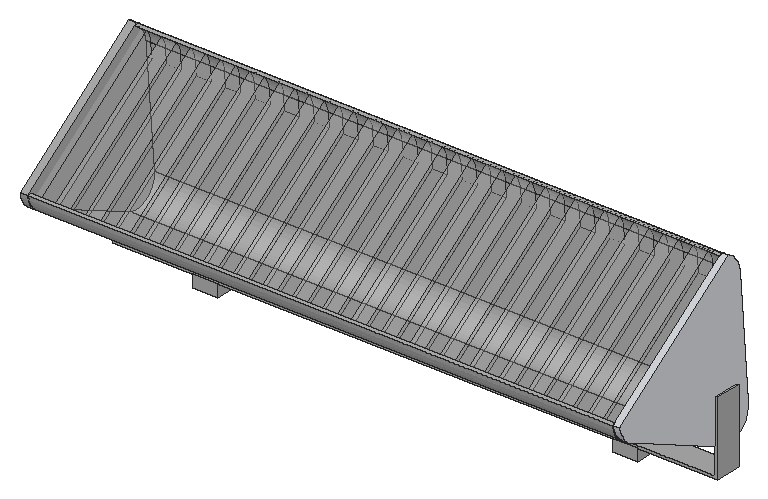
Revit family "AKTHLCE240", category Lighting Fixtures, host Face, Revit 2012
Parameters (values of type "AKTHLCE240")
  Wattage Comments = "40W"
  Wattage = 40 W
  built-in parameter 1150110 = 1 (stored number, unit not read)
  built-in parameter 1114217 = 1 (stored number, unit not read)
  Tilt Angle = -90.00°
  built-in parameter 1150109 = 1 (stored number, unit not read)
  built-in parameter 1150134 = 3
  built-in parameter 1150113 = 1 (stored number, unit not read)
  Photometric Web File = "generic"
  built-in parameter 1150142 = (empty or 0)
  built-in parameter 1150105 = 472.82 (stored number, unit not read)
  Lumens = 5941.68 lm
  built-in parameter 1150115 = 1 (stored number, unit not read)
  built-in parameter 1150137 = (empty or 0)
  built-in parameter 1150139 = (empty or 0)
  built-in parameter 1150112 = 1 (stored number, unit not read)
  built-in parameter 1150114 = 1 (stored number, unit not read)
  built-in parameter 1150132 = (empty or 0)
  built-in parameter 1150102 = (empty or 0)
  built-in parameter 1150107 = 3200 (stored number, unit not read)
  built-in parameter 1150138 = (empty or 0)
  built-in parameter 1150106 = 4.7282 (stored number, unit not read)
  Finish = Diecast Aluminium
  URL = "http://www.prescolite.com"
  Product Page URL = "http://www.prescolite.com/products/wall_wash/"
  Product Documentation Link = ""
  Model = "AKTHLCE240"  # constant formula
  Manufacturer Phone = "864-678-1000"  # constant formula
  Manufacturer Fax = "864-678-1065"  # constant formula
  Manufacturer = "Prescolite"  # constant formula
  Lamp = "2"
  Family = "CFL Wall Wash"
  Emit from Line Length = 24"
  built-in parameter 1150104 = 13.8 (stored number, unit not read)
  Dimming Lamp Color Temperature Shift = <None>
  Description = "Two High Lumen CFL RS Lamp upto 40W"  # constant formula
  Default Elevation = 48"
  Color Filter = 16777215
  Blades = Metallic specular clear
  built-in parameter 1114218 = 1 (stored number, unit not read)
  built-in parameter 1150133 = 10 (stored number, unit not read)
  Apparent Load = 0 VA
Reference planes (in)
  plane 1 "Center (Front/Back)": y = 0
  plane 2: z = 0
  plane 3 "Center (Left/Right)": x = 0.0375
  plane 4: z = 0
  plane 5: x = -12.2125
  plane 6: x = 12.2875
  plane 7: z = 8.5
Forms (in)
  Extrusion 1, solid, material "Diecast Aluminium" <- "Finish"
    sketch origin (0, 0, 0) x (1, 0, 0) y (0, 0, 1)
      loop
        line (-12.2125, 3.48908) -> (-12.2125, 0.5) -> (12.2875, 0.5) -> (12.2875, 3.48908) -> (12.18594, 3.48908) -> (12.18594, 0.60156) -> (-12.11094, 0.60156) -> (-12.11094, 3.48908) -> (-12.2125, 3.48908)
    from -0.5291 to 0.52581
  Extrusion 2, solid, material "Diecast Aluminium" <- "Finish"
    sketch origin (0.0375, 0.54026, 0.05678) x (0, -0.978148, -0.207912) y (0, 0.207912, -0.978148)
      loop
        line (-1.12135, -2.30106) -> (-1.72645, -7.22926)
        arc (-1.72645, -7.22926) -> (-1.66045, -7.72731) -> (-1.36058, -8.13041) r 1
        line (-1.36058, -8.13041) -> (4.83249, -5.50161)
        arc (4.83249, -5.50161) -> (4.75083, -5.00589) -> (4.43841, -4.61244) r 1
        line (4.43841, -4.61244) -> (0.47302, -1.6243)
        arc (0.47302, -1.6243) -> (-0.51953, -1.50243) -> (-1.12135, -2.30106) r 1
    from -12.14844 to -11.85
  Extrusion 3, solid, material "Diecast Aluminium" <- "Finish"
    sketch origin (0.0375, 0.54026, 0.05678) x (0, -0.978148, -0.207912) y (0, -0.207912, 0.978148)
      loop
        line (-1.72645, 7.22926) -> (-1.12135, 2.30106)
        arc (-1.12135, 2.30106) -> (-0.51953, 1.50243) -> (0.47302, 1.6243) r 1
        line (0.47302, 1.6243) -> (4.43841, 4.61244)
        arc (4.43841, 4.61244) -> (4.75083, 5.00589) -> (4.83249, 5.50161) r 1
        line (4.83249, 5.50161) -> (4.72463, 5.54739)
        arc (4.72463, 5.54739) -> (4.66881, 5.07253) -> (4.37729, 4.69355) r 0.89844
        line (4.37729, 4.69355) -> (0.41189, 1.70541)
        arc (0.41189, 1.70541) -> (-0.47985, 1.59592) -> (-1.02054, 2.31344) r 0.89844
        line (-1.02054, 2.31344) -> (-1.62565, 7.24164)
        arc (-1.62565, 7.24164) -> (-1.55596, 7.71365) -> (-1.25444, 8.08341) r 0.89844
        line (-1.25444, 8.08341) -> (-1.36216, 8.12914)
        arc (-1.36216, 8.12914) -> (-1.66083, 7.72637) -> (-1.72645, 7.22926) r 1
    from -11.85 to 11.85
  Extrusion 4, solid
    sketch origin (0.0375, 0.54026, 0.05678) x (0, -0.978148, -0.207912) y (0, -0.207912, 0.978148)
      loop
        arc (-1.12135, 2.30106) -> (-0.51953, 1.50243) -> (0.47302, 1.6243) r 1
        line (0.47302, 1.6243) -> (4.43841, 4.61244)
        arc (4.43841, 4.61244) -> (4.75083, 5.00589) -> (4.83249, 5.50161) r 1
        line (4.83249, 5.50161) -> (-1.36058, 8.13041)
        arc (-1.36058, 8.13041) -> (-1.66045, 7.72731) -> (-1.72645, 7.22926) r 1
        line (-1.72645, 7.22926) -> (-1.12135, 2.30106)
    from -12.14844 to -11.85
  Extrusion 5, solid, material "Diecast Aluminium" <- "Finish"
    sketch origin (0.0375, 0.54026, 0.05678) x (0, -0.978148, -0.207912) y (0, -0.207912, 0.978148)
      loop
        arc (-1.12135, 2.30106) -> (-0.51953, 1.50243) -> (0.47302, 1.6243) r 1
        line (0.47302, 1.6243) -> (4.43841, 4.61244)
        arc (4.43841, 4.61244) -> (4.75083, 5.00589) -> (4.83249, 5.50161) r 1
        line (4.83249, 5.50161) -> (-1.36058, 8.13041)
        arc (-1.36058, 8.13041) -> (-1.66045, 7.72731) -> (-1.72645, 7.22926) r 1
        line (-1.72645, 7.22926) -> (-1.12135, 2.30106)
    from -12.14844 to -11.85
  Extrusion 6, solid, material "Metallic specular clear" <- "Blades"
    sketch origin (0.0375, 0.54026, 0.05678) x (0, -0.978148, -0.207912) y (0, -0.207912, 0.978148)
      loop
        line (-1.62565, 7.24164) -> (-1.5513, 6.63613) -> (3.89007, 4.3264) -> (4.37729, 4.69355)
        arc (4.37729, 4.69355) -> (4.57369, 4.89738) -> (4.69693, 5.15221) r 0.89844
        line (4.69693, 5.15221) -> (-1.51776, 7.79019)
        arc (-1.51776, 7.79019) -> (-1.61545, 7.52452) -> (-1.62565, 7.24164) r 0.89844
    from -11.85 to 11.85
  Extrusion 7, void
    sketch origin (23.11659, 0.54026, 0.05678) x (0, -0.978148, -0.207912) y (0, -0.207912, 0.978148)
      loop
        line (4.72953, 5.31183) -> (-1.42558, 7.92452)
        arc (-1.42558, 7.92452) -> (-1.5961, 7.60373) -> (-1.62565, 7.24164) r 0.89844
        line (-1.62565, 7.24164) -> (-1.5513, 6.63613) -> (3.89007, 4.3264) -> (4.37729, 4.69355)
        arc (4.37729, 4.69355) -> (4.61723, 4.96633) -> (4.72953, 5.31183) r 0.89844
    from 11.34594 to 11.93581
  Extrusion 8, void
    sketch origin (0.36659, 0.54026, 0.05678) x (0, -0.978148, -0.207912) y (0, -0.207912, 0.978148)
      loop
        line (4.72953, 5.31183) -> (-1.42558, 7.92452)
        arc (-1.42558, 7.92452) -> (-1.5961, 7.60373) -> (-1.62565, 7.24164) r 0.89844
        line (-1.62565, 7.24164) -> (-1.5513, 6.63613) -> (3.89007, 4.3264) -> (4.37729, 4.69355)
        arc (4.37729, 4.69355) -> (4.61723, 4.96633) -> (4.72953, 5.31183) r 0.89844
    from 11.34594 to 11.93581
  Extrusion 9, void
    sketch origin (21.91923, 0.54026, 0.05678) x (0, -0.978148, -0.207912) y (0, -0.207912, 0.978148)
      loop
        line (4.72953, 5.31183) -> (-1.42558, 7.92452)
        arc (-1.42558, 7.92452) -> (-1.5961, 7.60373) -> (-1.62565, 7.24164) r 0.89844
        line (-1.62565, 7.24164) -> (-1.5513, 6.63613) -> (3.89007, 4.3264) -> (4.37729, 4.69355)
        arc (4.37729, 4.69355) -> (4.61723, 4.96633) -> (4.72953, 5.31183) r 0.89844
    from 11.34594 to 11.93581
  Extrusion 10, void
    sketch origin (20.72186, 0.54026, 0.05678) x (0, -0.978148, -0.207912) y (0, -0.207912, 0.978148)
      loop
        line (4.72953, 5.31183) -> (-1.42558, 7.92452)
        arc (-1.42558, 7.92452) -> (-1.5961, 7.60373) -> (-1.62565, 7.24164) r 0.89844
        line (-1.62565, 7.24164) -> (-1.5513, 6.63613) -> (3.89007, 4.3264) -> (4.37729, 4.69355)
        arc (4.37729, 4.69355) -> (4.61723, 4.96633) -> (4.72953, 5.31183) r 0.89844
    from 11.34594 to 11.93581
  Extrusion 11, void
    sketch origin (19.52449, 0.54026, 0.05678) x (0, -0.978148, -0.207912) y (0, -0.207912, 0.978148)
      loop
        line (4.72953, 5.31183) -> (-1.42558, 7.92452)
        arc (-1.42558, 7.92452) -> (-1.5961, 7.60373) -> (-1.62565, 7.24164) r 0.89844
        line (-1.62565, 7.24164) -> (-1.5513, 6.63613) -> (3.89007, 4.3264) -> (4.37729, 4.69355)
        arc (4.37729, 4.69355) -> (4.61723, 4.96633) -> (4.72953, 5.31183) r 0.89844
    from 11.34594 to 11.93581
  Extrusion 12, void
    sketch origin (18.32712, 0.54026, 0.05678) x (0, -0.978148, -0.207912) y (0, -0.207912, 0.978148)
      loop
        line (4.72953, 5.31183) -> (-1.42558, 7.92452)
        arc (-1.42558, 7.92452) -> (-1.5961, 7.60373) -> (-1.62565, 7.24164) r 0.89844
        line (-1.62565, 7.24164) -> (-1.5513, 6.63613) -> (3.89007, 4.3264) -> (4.37729, 4.69355)
        arc (4.37729, 4.69355) -> (4.61723, 4.96633) -> (4.72953, 5.31183) r 0.89844
    from 11.34594 to 11.93581
  Extrusion 13, void
    sketch origin (17.12975, 0.54026, 0.05678) x (0, -0.978148, -0.207912) y (0, -0.207912, 0.978148)
      loop
        line (4.72953, 5.31183) -> (-1.42558, 7.92452)
        arc (-1.42558, 7.92452) -> (-1.5961, 7.60373) -> (-1.62565, 7.24164) r 0.89844
        line (-1.62565, 7.24164) -> (-1.5513, 6.63613) -> (3.89007, 4.3264) -> (4.37729, 4.69355)
        arc (4.37729, 4.69355) -> (4.61723, 4.96633) -> (4.72953, 5.31183) r 0.89844
    from 11.34594 to 11.93581
  Extrusion 14, void
    sketch origin (15.93238, 0.54026, 0.05678) x (0, -0.978148, -0.207912) y (0, -0.207912, 0.978148)
      loop
        line (4.72953, 5.31183) -> (-1.42558, 7.92452)
        arc (-1.42558, 7.92452) -> (-1.5961, 7.60373) -> (-1.62565, 7.24164) r 0.89844
        line (-1.62565, 7.24164) -> (-1.5513, 6.63613) -> (3.89007, 4.3264) -> (4.37729, 4.69355)
        arc (4.37729, 4.69355) -> (4.61723, 4.96633) -> (4.72953, 5.31183) r 0.89844
    from 11.34594 to 11.93581
  Extrusion 15, void
    sketch origin (14.73501, 0.54026, 0.05678) x (0, -0.978148, -0.207912) y (0, -0.207912, 0.978148)
      loop
        line (4.72953, 5.31183) -> (-1.42558, 7.92452)
        arc (-1.42558, 7.92452) -> (-1.5961, 7.60373) -> (-1.62565, 7.24164) r 0.89844
        line (-1.62565, 7.24164) -> (-1.5513, 6.63613) -> (3.89007, 4.3264) -> (4.37729, 4.69355)
        arc (4.37729, 4.69355) -> (4.61723, 4.96633) -> (4.72953, 5.31183) r 0.89844
    from 11.34594 to 11.93581
  Extrusion 16, void
    sketch origin (13.53765, 0.54026, 0.05678) x (0, -0.978148, -0.207912) y (0, -0.207912, 0.978148)
      loop
        line (4.72953, 5.31183) -> (-1.42558, 7.92452)
        arc (-1.42558, 7.92452) -> (-1.5961, 7.60373) -> (-1.62565, 7.24164) r 0.89844
        line (-1.62565, 7.24164) -> (-1.5513, 6.63613) -> (3.89007, 4.3264) -> (4.37729, 4.69355)
        arc (4.37729, 4.69355) -> (4.61723, 4.96633) -> (4.72953, 5.31183) r 0.89844
    from 11.34594 to 11.93581
  Extrusion 17, void
    sketch origin (12.34028, 0.54026, 0.05678) x (0, -0.978148, -0.207912) y (0, -0.207912, 0.978148)
      loop
        line (4.72953, 5.31183) -> (-1.42558, 7.92452)
        arc (-1.42558, 7.92452) -> (-1.5961, 7.60373) -> (-1.62565, 7.24164) r 0.89844
        line (-1.62565, 7.24164) -> (-1.5513, 6.63613) -> (3.89007, 4.3264) -> (4.37729, 4.69355)
        arc (4.37729, 4.69355) -> (4.61723, 4.96633) -> (4.72953, 5.31183) r 0.89844
    from 11.34594 to 11.93581
  Extrusion 18, void
    sketch origin (11.14291, 0.54026, 0.05678) x (0, -0.978148, -0.207912) y (0, -0.207912, 0.978148)
      loop
        line (4.72953, 5.31183) -> (-1.42558, 7.92452)
        arc (-1.42558, 7.92452) -> (-1.5961, 7.60373) -> (-1.62565, 7.24164) r 0.89844
        line (-1.62565, 7.24164) -> (-1.5513, 6.63613) -> (3.89007, 4.3264) -> (4.37729, 4.69355)
        arc (4.37729, 4.69355) -> (4.61723, 4.96633) -> (4.72953, 5.31183) r 0.89844
    from 11.34594 to 11.93581
  Extrusion 19, void
    sketch origin (9.94554, 0.54026, 0.05678) x (0, -0.978148, -0.207912) y (0, -0.207912, 0.978148)
      loop
        line (4.72953, 5.31183) -> (-1.42558, 7.92452)
        arc (-1.42558, 7.92452) -> (-1.5961, 7.60373) -> (-1.62565, 7.24164) r 0.89844
        line (-1.62565, 7.24164) -> (-1.5513, 6.63613) -> (3.89007, 4.3264) -> (4.37729, 4.69355)
        arc (4.37729, 4.69355) -> (4.61723, 4.96633) -> (4.72953, 5.31183) r 0.89844
    from 11.34594 to 11.93581
  Extrusion 20, void
    sketch origin (8.74817, 0.54026, 0.05678) x (0, -0.978148, -0.207912) y (0, -0.207912, 0.978148)
      loop
        line (4.72953, 5.31183) -> (-1.42558, 7.92452)
        arc (-1.42558, 7.92452) -> (-1.5961, 7.60373) -> (-1.62565, 7.24164) r 0.89844
        line (-1.62565, 7.24164) -> (-1.5513, 6.63613) -> (3.89007, 4.3264) -> (4.37729, 4.69355)
        arc (4.37729, 4.69355) -> (4.61723, 4.96633) -> (4.72953, 5.31183) r 0.89844
    from 11.34594 to 11.93581
  Extrusion 21, void
    sketch origin (7.5508, 0.54026, 0.05678) x (0, -0.978148, -0.207912) y (0, -0.207912, 0.978148)
      loop
        line (4.72953, 5.31183) -> (-1.42558, 7.92452)
        arc (-1.42558, 7.92452) -> (-1.5961, 7.60373) -> (-1.62565, 7.24164) r 0.89844
        line (-1.62565, 7.24164) -> (-1.5513, 6.63613) -> (3.89007, 4.3264) -> (4.37729, 4.69355)
        arc (4.37729, 4.69355) -> (4.61723, 4.96633) -> (4.72953, 5.31183) r 0.89844
    from 11.34594 to 11.93581
  Extrusion 22, void
    sketch origin (6.35344, 0.54026, 0.05678) x (0, -0.978148, -0.207912) y (0, -0.207912, 0.978148)
      loop
        line (4.72953, 5.31183) -> (-1.42558, 7.92452)
        arc (-1.42558, 7.92452) -> (-1.5961, 7.60373) -> (-1.62565, 7.24164) r 0.89844
        line (-1.62565, 7.24164) -> (-1.5513, 6.63613) -> (3.89007, 4.3264) -> (4.37729, 4.69355)
        arc (4.37729, 4.69355) -> (4.61723, 4.96633) -> (4.72953, 5.31183) r 0.89844
    from 11.34594 to 11.93581
  Extrusion 23, void
    sketch origin (5.15607, 0.54026, 0.05678) x (0, -0.978148, -0.207912) y (0, -0.207912, 0.978148)
      loop
        line (4.72953, 5.31183) -> (-1.42558, 7.92452)
        arc (-1.42558, 7.92452) -> (-1.5961, 7.60373) -> (-1.62565, 7.24164) r 0.89844
        line (-1.62565, 7.24164) -> (-1.5513, 6.63613) -> (3.89007, 4.3264) -> (4.37729, 4.69355)
        arc (4.37729, 4.69355) -> (4.61723, 4.96633) -> (4.72953, 5.31183) r 0.89844
    from 11.34594 to 11.93581
  Extrusion 24, void
    sketch origin (3.9587, 0.54026, 0.05678) x (0, -0.978148, -0.207912) y (0, -0.207912, 0.978148)
      loop
        line (4.72953, 5.31183) -> (-1.42558, 7.92452)
        arc (-1.42558, 7.92452) -> (-1.5961, 7.60373) -> (-1.62565, 7.24164) r 0.89844
        line (-1.62565, 7.24164) -> (-1.5513, 6.63613) -> (3.89007, 4.3264) -> (4.37729, 4.69355)
        arc (4.37729, 4.69355) -> (4.61723, 4.96633) -> (4.72953, 5.31183) r 0.89844
    from 11.34594 to 11.93581
  Extrusion 25, void
    sketch origin (2.76133, 0.54026, 0.05678) x (0, -0.978148, -0.207912) y (0, -0.207912, 0.978148)
      loop
        line (4.72953, 5.31183) -> (-1.42558, 7.92452)
        arc (-1.42558, 7.92452) -> (-1.5961, 7.60373) -> (-1.62565, 7.24164) r 0.89844
        line (-1.62565, 7.24164) -> (-1.5513, 6.63613) -> (3.89007, 4.3264) -> (4.37729, 4.69355)
        arc (4.37729, 4.69355) -> (4.61723, 4.96633) -> (4.72953, 5.31183) r 0.89844
    from 11.34594 to 11.93581
  Extrusion 26, void
    sketch origin (1.56396, 0.54026, 0.05678) x (0, -0.978148, -0.207912) y (0, -0.207912, 0.978148)
      loop
        line (4.72953, 5.31183) -> (-1.42558, 7.92452)
        arc (-1.42558, 7.92452) -> (-1.5961, 7.60373) -> (-1.62565, 7.24164) r 0.89844
        line (-1.62565, 7.24164) -> (-1.5513, 6.63613) -> (3.89007, 4.3264) -> (4.37729, 4.69355)
        arc (4.37729, 4.69355) -> (4.61723, 4.96633) -> (4.72953, 5.31183) r 0.89844
    from 11.34594 to 11.93581
  Extrusion 27, solid, material "Diecast Aluminium" <- "Finish"
    sketch origin (0, 0, 0) x (1, 0, 0) y (0, 0, 1)
      loop
        line (-8.9625, 0.5) -> (-8.9625, 0) -> (-7.9625, 0) -> (-7.9625, 0.5) -> (-8.9625, 0.5)
      loop
        line (9.0375, 0.5) -> (8.0375, 0.5) -> (8.0375, 0) -> (9.0375, 0) -> (9.0375, 0.5)
    from -0.5291 to 0.52581
Cuts and joins
  joined: Extrusion 2, Extrusion 5
  Extrusion 7, Extrusion 8, Extrusion 9, Extrusion 10, Extrusion 11, Extrusion 12, Extrusion 13, Extrusion 14, Extrusion 15, Extrusion 16, Extrusion 17, Extrusion 18, Extrusion 19, Extrusion 20, Extrusion 21, Extrusion 22, Extrusion 23, Extrusion 24, Extrusion 25, Extrusion 26 cuts Extrusion 3
  Extrusion 7, Extrusion 8, Extrusion 9, Extrusion 10, Extrusion 11, Extrusion 12, Extrusion 13, Extrusion 14, Extrusion 15, Extrusion 16, Extrusion 17, Extrusion 18, Extrusion 19, Extrusion 20, Extrusion 21, Extrusion 22, Extrusion 23, Extrusion 24, Extrusion 25, Extrusion 26 cuts Extrusion 6
Dimensions and locks (in)
  locked: plane 5 to plane 3 "Center (Left/Right)" at 12.25
  locked: plane 6 to plane 5 at 24.5
  locked: plane 7 to plane 4 at 8.5
  equal spacing: group 2, group 20, group 19, group 18, group 17, group 16, group 15, group 14, group 13, group 12, group 11, group 10, group 9, group 8, group 7, group 6, group 5, group 4, group 3, group 1
  equal spacing: group 1, group 3, group 4, group 5, group 6, group 7, group 8, group 9, group 10, group 11, group 12, group 13, group 14, group 15, group 16, group 17, group 18, group 19, group 20, group 2  (x2)
  aligned and locked: plane 2 to host face
  aligned and locked: level to host face
  aligned and locked: Extrusion 1 sketch curve to plane 5
  aligned and locked: plane 6 to Extrusion 1 sketch curve
  aligned and locked: Extrusion 1 sketch curve to plane 6
  aligned and locked: Extrusion 1 to Extrusion 1
  aligned and locked: Extrusion 2 to Extrusion 1
  aligned and locked: Extrusion 3 to Extrusion 2
  aligned and locked: Extrusion 3 to Extrusion 5
  aligned and locked: Extrusion 3 to cut or joined group of Extrusion 2, Extrusion 5
  aligned and locked: Extrusion 6 sketch curve to Extrusion 3  (x3)
  aligned and locked: Extrusion 3 to Extrusion 6 sketch curve
  aligned and locked: Extrusion 3 to Extrusion 6  (x2)
  aligned and locked: Extrusion 1 to Extrusion 27 sketch curve  (x3)
  aligned and locked: level to Extrusion 27 sketch curve
  aligned and locked: Extrusion 27 sketch curve to level
  aligned and locked: Extrusion 27 sketch curve to Extrusion 1
  aligned and locked: host face to Extrusion 27 sketch curve
  aligned and locked: Extrusion 1 to Extrusion 27  (x2)
Connectors (in)
  electrical at (0, 0, 0), driven by "Description", driven by "Apparent Load"
    settings: index 1, voltage 120 V, apparent load 0 VA, apparent load phase1 0 VA, apparent load phase2 0 VA, apparent load phase3 0 VA, power factor 1, load classification "Other", number of poles 1, system type 30, power factor state 1, is connector primary yes, connector utility no, sub classification motor no, connector description "Two High Lumen CFL RS Lamp upto 40W"
